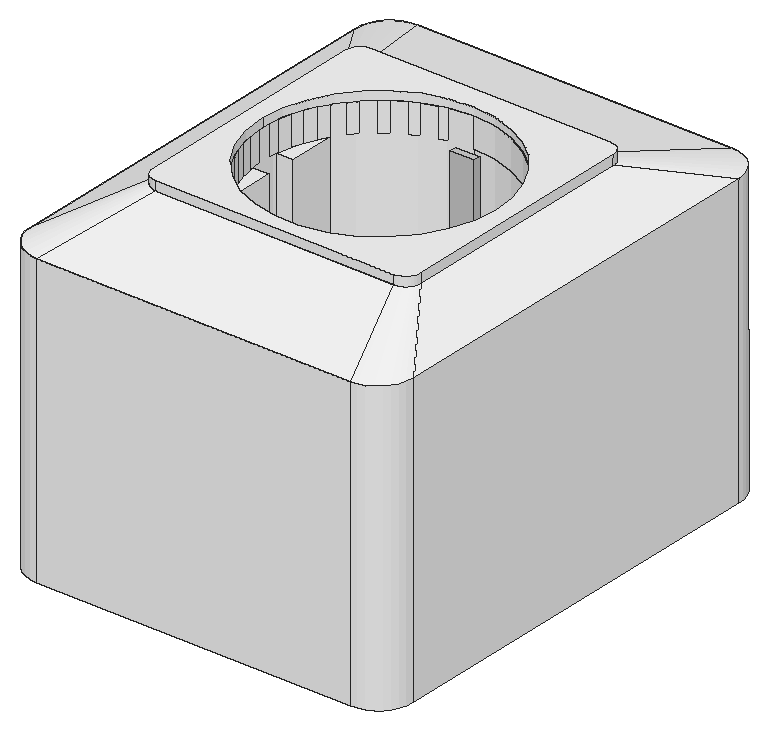
Revit family "Domotics-SerieCivili-GEWISS-27COMBI_SYSTEM-IP40_PRESA_GER", category Apparecchi elettrici, host Superficie, Revit 2016
Family settings
  Host = Superficie
  Mantenere orientamento annotazione = Sì
  Tipo di parte = Normale
  Quota connettore circolare = Usa diametro
  Taglio con vuoti quando caricato = No
  Condiviso = No
  Punto di calcolo locali = Sì
Parameters (values of type "GW27814 - Con presa std tedesco")
  Volt = 230 V
  Viti coperchio = "Acciaio resistente alla corrosione"
  Vista in pianta [instance] = yes
  Versione file RFA = "19.4"
  URL = "https://www.gewiss.com/it/it"
  Tipo sfondabili = "Asportabili con utensile"
  Termopressione con biglia = "70 °C"
  Tensione: = "250 V ac"
  Tensione = "250 V ac"
  Temperatura di installazione = "-25 +60 °C"
  TXT ELETTRICO = "16"
  Simbolo [instance] = yes
  Scheda Tecnica = "https://www.gewiss.com/it/it/search?q=GW27814"
  SEO = "Contenitore"
  Default Elevation = 1219.2 mm
  Produttore = "GEWISS S.p.A."
  Norma di riferimento: = "IEC 60884-1"
  Norma di riferimento = "IEC 60884-1"
  N. poli = 1
  N. fori Ã˜ 23 sfondabili: = "Laterali 3 / Sul fondo 1"
  N. fori Ã˜ 23 con passacavo = "1"
  Modello = "GW27814"
  Immagine tipo = GW27814.jpg
  IFC.TypeObject = ""
  IFC.ExportType = ""
  IFC.ExportAs = ""
  IDT = "d2cc88c2-2bd0-4b6a-a7a0-6ff77e855ea8"
  IDF = "62b6f017-263e-4f17-99d7-c0e391134cba"
  Grado di protezione = "IP40"
  Glow Wire Test = "650°C"
  Distanza_x [instance] = 0 mm
  Distanza_effettiva_y [instance] = 100 mm
  Distanza_effettiva_x [instance] = 1000 mm - Distanza_x  # 1000 mm
  Distanza orizzontale del simbolo [instance] = 141.274 mm
  Distanza dal muro [instance] = 4.208 mm
  Dim. esterne BxHxP (mm) = "66x82x55"
  Descrizione: = "Presa 2P+T - 16 A"
  Descrizione = "PRESA STD TED.2P+T 16A PROTETTA"
  Creato da GEWISS S.p.A. = ""
  Coppia serraggio viti = "0,8NM"
  Colore = "Grigio RAL 7035"
  Codice Electrocod = "0131"
  Codice EAN = "8011564095427"
  Classe isolamento = "II"
  Catalogo Serie = "27COMBI"
  Catalogo = "DOMOTICS"
  Carico apparente = 0 VA
  Caratteristiche = "Standard Tedesco"
  COBie.Tagnumber = ""
  COBie.CreatedOn = ""
  COBie.CreatebBy = ""
  COBie.ComponentRegisterItemID = ""
  COBie.Component.TagNumber = ""
  COBie.Component.Space = ""
  COBie.Component.SerialNumber = ""
  COBie.Component.InstallationDate = ""
  COBie.Component.Description = ""
  COBie.Component.BarCode = ""
Reference planes
  plane 1 "Centro (Fronte/Retro)": y = 0
  plane 2: z = 0
  plane 3 "Centro (Sinistra/Destra)": x = 0
  plane 4: x = -1000
  plane 5: x = 0
  plane 6: y = 100
Lines and regions (mm)
  Masking region 1, visible <- "Vista in pianta"
    outline origin (0, 0, 0) x (1, 0, 0) y (0, 0, 1)
      loop
        line (-33, 56.5) -> (-33, 0) -> (33, 0) -> (33, 56.5) -> (-33, 56.5)
  Masking region 2, visible <- "Vista in pianta"
    outline origin (0, 0, 0) x (0, 1, 0) y (0, 0, 1)
      loop
        line (-40.026, 55) -> (-40.026, 0) -> (41.974, 0) -> (41.974, 55) -> (-40.026, 55)
Dimensions and locks
  plane 4 to plane 3 "Centro (Sinistra/Destra)" = 1000 mm
  "Distanza_effettiva_x": plane 4 to plane 5
  "Distanza_effettiva_y": plane 6 to plane 1 "Centro (Fronte/Retro)"
  aligned and locked: plane 2 to host face
  aligned and locked: level to host face
  aligned and locked: plane 3 "Centro (Sinistra/Destra)" to nested 1
  aligned and locked: plane 1 "Centro (Fronte/Retro)" to nested 1
  aligned and locked: plane 5 to nested 2
  aligned and locked: nested 2 to plane 6
  aligned and locked: Masking region 1 sketch curve to nested 1  (x3)
  aligned and locked: Masking region 2 sketch curve to nested 1  (x3)
Automatic sketch dimensions
  host sketch curve to host sketch curve = 2438.4 mm  (x2)
  level to Masking region 1 sketch curve = 56.5 mm
  plane 1 "Centro (Fronte/Retro)" to Masking region 2 sketch curve = 40.026 mm
Nested families
  nested 1: "System Contenitori IP40 Compl Prese Ger_GENERICO" at (0, 0, 0), type "GW27814 Presa standard Tedesco 2P+T 16A protetta"
  nested 2: "SIMBOLO PRESE" at (0, 100, 0), TESTO ELETTRICO <- "TXT ELETTRICO", Distanza dal muro <- "Distanza dal muro", SIMBOLO <- "Simbolo", visible <- "Simbolo", type "PRESA"
    with TESTO ELETTRICO "16", SIMBOLO yes, Distanza dal muro 4.208 mm, BORDO ACCESO yes
Connectors
  electrical at (0, 0.974, 0), driven by "N. poli", driven by "Volt", driven by "Carico apparente"
    settings: on nested 1, index 1, voltage 230 V, apparent load 0 VA, apparent load phase1 0 VA, apparent load phase2 0 VA, apparent load phase3 0 VA, power factor 1, load classification "Altro", number of poles 1, system type 31, power factor state 1, is connector primary yes, connector utility no, sub classification motor no, connector description ""
Definition of nested family "System Contenitori IP40 Compl Prese Ger_GENERICO"
  Parameters (values of type "GW27814 Presa standard Tedesco 2P+T 16A protetta")
    Profondità = 55 mm
    Lunghezza = 82 mm
    Larghezza = 66 mm
    Finitura System IP40 = none
    Altezza da terra = 750 mm
  Reference planes
    plane 1 "Centro (Fronte/Retro)": y = 0
    plane 2: z = 0
    plane 3 "Centro (Sinistra/Destra)": x = 0
    plane 4: x = -33
    plane 5: x = 33
    plane 6: z = 55
    plane 7: z = 50
  Forms (mm)
    Blend 1, solid, material <- "Finitura System IP40"
      base sketch origin (0, -790.026, 55) x (1, 0, 0) y (0, 1, 0)
        loop
          arc (-20.5, 814) -> (-22.268, 813.268) -> (-23, 811.5) r 2.5
          line (-23, 811.5) -> (-23, 770)
          arc (-23, 770) -> (-22.268, 768.232) -> (-20.5, 767.5) r 2.5
          line (-20.5, 767.5) -> (20.5, 767.5)
          arc (20.5, 767.5) -> (22.268, 768.232) -> (23, 770) r 2.5
          line (23, 770) -> (23, 811.5)
          arc (23, 811.5) -> (22.268, 813.268) -> (20.5, 814) r 2.5
          line (20.5, 814) -> (-20.5, 814)
      top sketch origin (0, -790.026, 55) x (1, 0, 0) y (0, 1, 0)
        loop
          arc (-27, 832) -> (-31.243, 830.243) -> (-33, 826) r 6
          line (-33, 826) -> (-33, 756)
          arc (-33, 756) -> (-31.243, 751.757) -> (-27, 750) r 6
          line (-27, 750) -> (27, 750)
          arc (27, 750) -> (31.243, 751.757) -> (33, 756) r 6
          line (33, 756) -> (33, 826)
          arc (33, 826) -> (31.243, 830.243) -> (27, 832) r 6
          line (27, 832) -> (-27, 832)
      from 0 to -5
    Extrusion 2, solid, material <- "Finitura System IP40"
      sketch origin (0, -790.026, 55) x (1, 0, 0) y (0, 1, 0)
        loop
          arc (-27, 832) -> (-31.243, 830.243) -> (-33, 826) r 6
          line (-33, 826) -> (-33, 756)
          arc (-33, 756) -> (-31.243, 751.757) -> (-27, 750) r 6
          line (-27, 750) -> (27, 750)
          arc (27, 750) -> (31.243, 751.757) -> (33, 756) r 6
          line (33, 756) -> (33, 826)
          arc (33, 826) -> (31.243, 830.243) -> (27, 832) r 6
          line (27, 832) -> (-27, 832)
        loop
          line (-31, 826) -> (-31, 756)
          arc (-31, 756) -> (-29.828, 753.172) -> (-27, 752) r 4
          line (-27, 752) -> (27, 752)
          arc (27, 752) -> (29.828, 753.172) -> (31, 756) r 4
          line (31, 756) -> (31, 826)
          arc (31, 826) -> (29.828, 828.828) -> (27, 830) r 4
          line (27, 830) -> (-27, 830)
          arc (-27, 830) -> (-29.828, 828.828) -> (-31, 826) r 4
      from -5 to -55
    Extrusion 3, solid, material <- "Finitura System IP40", detail levels fine
      sketch origin (0, -790.026, 55) x (1, 0, 0) y (0, 1, 0)
        loop
          arc (-20.5, 814) -> (-22.268, 813.268) -> (-23, 811.5) r 2.5
          line (-23, 811.5) -> (-23, 770)
          arc (-23, 770) -> (-22.268, 768.232) -> (-20.5, 767.5) r 2.5
          line (-20.5, 767.5) -> (20.5, 767.5)
          arc (20.5, 767.5) -> (22.268, 768.232) -> (23, 770) r 2.5
          line (23, 770) -> (23, 811.5)
          arc (23, 811.5) -> (22.268, 813.268) -> (20.5, 814) r 2.5
          line (20.5, 814) -> (-20.5, 814)
      from -5 to 1.5
    Extrusion 4, void
      sketch origin (0, -790.026, 55) x (1, 0, 0) y (0, 1, 0)
        loop
          circle (0, 790.026) r 20.156
      from 1.5 to -5
    Revolve 5, solid, material <- "Finitura System IP40"
      sketch origin (0, -790.026, 55) x (0, 0, -1) y (0, 1, 0)
        loop
          line (0, 810.182) -> (22, 810.182) -> (22, 790.026) -> (23, 790.026) -> (23, 811.231) -> (0, 811.231) -> (0, 810.182)
        axis (23, 790.026) -> (0, 790.026)
      angle from 0 to 360
    Extrusion 6, void, detail levels fine
      sketch origin (0, 0, 0) x (1, 0, 0) y (0, 1, 0)
        loop
          circle (-11.281, -0.293) r 3.536
        loop
          circle (10.281, -0.293) r 3.536
      from 32 to 33
    Extrusion 7, solid, material <- "Finitura System IP40", detail levels fine
      sketch origin (0, 0, 0) x (1, 0, 0) y (0, 1, 0)
        loop
          arc (-17.077, 10.706) -> (-18.981, 6.781) -> (-19.995, 2.538) r 20.156
          line (-19.995, 2.538) -> (-17.077, 2.538) -> (-17.077, 10.706)
        loop
          line (-17.077, -10.706) -> (-17.077, -2.538) -> (-19.995, -2.538)
          arc (-19.995, -2.538) -> (-18.981, -6.781) -> (-17.077, -10.706) r 20.156
        loop
          line (17.077, 10.706) -> (17.077, 2.538) -> (19.995, 2.538)
          arc (19.995, 2.538) -> (18.981, 6.781) -> (17.077, 10.706) r 20.156
        loop
          arc (17.077, -10.706) -> (18.981, -6.781) -> (19.995, -2.538) r 20.156
          line (19.995, -2.538) -> (17.077, -2.538) -> (17.077, -10.706)
      from 33 to 50
    Extrusion 8, solid, detail levels fine
      sketch origin (0, 0, 0) x (1, 0, 0) y (0, 1, 0)
        loop
          line (-2.056, -17.726) -> (-2.056, -18.888) -> (2.056, -18.888) -> (2.056, -17.726) -> (-2.056, -17.726)
        loop
          line (-2.056, 17.726) -> (2.056, 17.726) -> (2.056, 18.888) -> (-2.056, 18.888) -> (-2.056, 17.726)
      from 33 to 50
  Cuts and joins
    Extrusion 4 cuts Blend 1
    Extrusion 4 cuts Extrusion 3
    joined: Extrusion 3, Extrusion 7
    Extrusion 4 cuts Extrusion 2
    Extrusion 6 cuts Revolve 5
  Lines and regions (mm)
    model lines, detail levels fine
      curve 1: circle (0, 0, 33) r 20.156 normal (0, 0, 1)
      curve 2: circle (-11.281, -0.293, 33) r 3.536 normal (0, 0, 1)
      curve 3: circle (10.281, -0.293, 33) r 3.536 normal (0, 0, 1)
      curve 4: line (-17.077, 10.706, 33) -> (-17.077, 2.538, 33)
      curve 5: line (-17.077, 2.538, 33) -> (-19.995, 2.538, 33)
      curve 6: line (-17.077, -10.706, 33) -> (-17.077, -2.538, 33)
      curve 7: line (-17.077, -2.538, 33) -> (-19.995, -2.538, 33)
      curve 8: line (17.077, 10.706, 33) -> (17.077, 2.538, 33)
      curve 9: line (17.077, 2.538, 33) -> (19.995, 2.538, 33)
      curve 10: line (17.077, -10.706, 33) -> (17.077, -2.538, 33)
      curve 11: line (17.077, -2.538, 33) -> (19.995, -2.538, 33)
      curve 12: line (-2.056, 20.051, 33) -> (-2.056, 17.726, 33)
      curve 13: line (-2.056, 17.726, 33) -> (2.056, 17.726, 33)
      curve 14: line (2.056, 17.726, 33) -> (2.056, 20.051, 33)
      curve 15: line (-2.056, -20.051, 33) -> (-2.056, -17.726, 33)
      curve 16: line (-2.056, -17.726, 33) -> (2.056, -17.726, 33)
      curve 17: line (2.056, -17.726, 33) -> (2.056, -20.051, 33)
  Dimensions and locks
    equal spacing: plane 5, plane 3 "Centro (Sinistra/Destra)", plane 4
    "Larghezza": plane 5 to plane 4
    "Profondità": plane 6 to plane 2
    aligned and locked: level to plane 2
    aligned and locked: plane 4 to Blend 1 sketch curve
    aligned and locked: plane 5 to Blend 1 sketch curve
    aligned and locked: plane 4 to Extrusion 2 sketch curve
    aligned and locked: plane 7 to cut or joined group of Extrusion 2, Extrusion 4
    aligned and locked: plane 2 to cut or joined group of Extrusion 2, Extrusion 4
    aligned and locked: curve 1 to Extrusion 7
    aligned and locked: plane 7 to cut or joined group of Extrusion 3, Extrusion 4, Extrusion 7
    aligned and locked: Extrusion 8 to cut or joined group of Extrusion 3, Extrusion 4, Extrusion 7
    aligned and locked: plane 7 to Extrusion 8
  Automatic sketch dimensions
    plane 1 "Centro (Fronte/Retro)" to Blend 1 sketch curve = 20.026 mm
    plane 1 "Centro (Fronte/Retro)" to Blend 1 sketch curve = 40.026 mm
    Extrusion 2 sketch curve to Extrusion 2 sketch curve = 0 mm  (x11)
    Extrusion 2 sketch curve to plane 5 = 0 mm
    plane 4 to Extrusion 2 sketch curve = 2 mm
    plane 1 "Centro (Fronte/Retro)" to Extrusion 2 sketch curve = 40.026 mm
    plane 1 "Centro (Fronte/Retro)" to Extrusion 3 sketch curve = 20.026 mm
    plane 1 "Centro (Fronte/Retro)" to Extrusion 4 sketch curve = 0 mm
    Extrusion 4 sketch curve to plane 3 "Centro (Sinistra/Destra)" = 0 mm
    Revolve 5 sketch curve to plane 1 "Centro (Fronte/Retro)" = 0 mm  (x2)
    Revolve 5 sketch curve to Revolve 5 sketch curve = 22 mm
    Revolve 5 sketch curve to Revolve 5 sketch curve = 1 mm
    Revolve 5 sketch curve to Revolve 5 sketch curve = 0 mm
    Revolve 5 sketch curve to Revolve 5 sketch curve = 1.049 mm
    Blend 1 sketch curve to plane 1 "Centro (Fronte/Retro)" = 21.474 mm
    Blend 1 sketch curve to plane 1 "Centro (Fronte/Retro)" = 35.974 mm
    Extrusion 2 sketch curve to plane 1 "Centro (Fronte/Retro)" = 35.974 mm
    Extrusion 3 sketch curve to plane 1 "Centro (Fronte/Retro)" = 21.474 mm
    Revolve 5 sketch curve to plane 1 "Centro (Fronte/Retro)" = 20.156 mm
    Blend 1 sketch curve to Blend 1 sketch curve = 2.5 mm  (x3)
    plane 4 to Blend 1 sketch curve = 6 mm  (x2)
    Extrusion 2 sketch curve to Extrusion 2 sketch curve = 4 mm  (x4)
    Extrusion 3 sketch curve to Extrusion 3 sketch curve = 2.5 mm  (x3)
    plane 4 to Blend 1 sketch curve = 12.5 mm
    plane 4 to Extrusion 3 sketch curve = 12.5 mm
    plane 5 to Blend 1 sketch curve = 12.5 mm  (x2)
    plane 5 to Blend 1 sketch curve = 6 mm
    Blend 1 sketch curve to Blend 1 sketch curve = 6 mm
    plane 5 to Extrusion 3 sketch curve = 12.5 mm  (x2)
    level to Revolve 5 sketch curve = 55 mm
    Revolve 5 sketch curve to Revolve 5 sketch curve = 4.873 mm
    curve 3 to curve 1 = 0.293 mm
    curve 2 to curve 1 = 0.293 mm
    curve 11 to curve 3 = 2.244 mm
    curve 7 to curve 2 = 2.244 mm
    Revolve 5 to curve 17 = 2.056 mm
    curve 15 to curve 15 = 2.324 mm
    curve 11 to curve 9 = 5.075 mm
    curve 13 to curve 12 = 2.324 mm
    Revolve 5 to curve 14 = 2.056 mm
    curve 8 to curve 3 = 6.796 mm
    curve 9 to curve 8 = 2.918 mm
    curve 11 to curve 10 = 2.918 mm
    curve 15 to Revolve 5 = 2.056 mm
    curve 13 to Revolve 5 = 2.056 mm
    curve 2 to curve 4 = 5.796 mm
    curve 6 to curve 4 = 0 mm
    curve 6 to curve 7 = 2.918 mm
    curve 4 to curve 5 = 2.918 mm
    Extrusion 7 sketch curve to Extrusion 7 sketch curve = 0 mm  (x14)
    plane 1 "Centro (Fronte/Retro)" to Extrusion 7 sketch curve = 0 mm
    Extrusion 7 sketch curve to plane 3 "Centro (Sinistra/Destra)" = 0 mm
    plane 4 to Extrusion 7 sketch curve = 15.923 mm
    plane 1 "Centro (Fronte/Retro)" to Extrusion 7 sketch curve = 2.538 mm  (x2)
    Extrusion 7 sketch curve to Extrusion 7 sketch curve = 2.918 mm  (x4)
    Extrusion 7 sketch curve to plane 1 "Centro (Fronte/Retro)" = 2.538 mm  (x2)
    plane 5 to Extrusion 7 sketch curve = 15.923 mm
    Extrusion 8 sketch curve to plane 3 "Centro (Sinistra/Destra)" = 2.056 mm  (x2)
    plane 3 "Centro (Sinistra/Destra)" to Extrusion 8 sketch curve = 2.056 mm  (x2)
    plane 1 "Centro (Fronte/Retro)" to Extrusion 8 sketch curve = 18.888 mm
    Extrusion 8 sketch curve to Extrusion 8 sketch curve = 1.162 mm  (x2)
    Extrusion 8 sketch curve to plane 1 "Centro (Fronte/Retro)" = 17.726 mm
    radius of Extrusion 4 sketch curve = 20.156 mm
    radius of curve 1 to Revolve 5 = 0 mm
    radius of curve 2 = 3.536 mm
    radius of curve 3 = 3.536 mm
Definition of nested family "SIMBOLO PRESE"
  Parameters (values of type "PRESA")
    TESTO ELETTRICO [instance] = "TXT"
    Simbolo = SIMBOLO PRESE_BASE : PRESA
    SIMBOLO [instance] = yes
    Distanza dal muro [instance] = 4.208 mm
    BORDO ACCESO [instance] = yes
  Reference planes
    plane 1: y = 0
    plane 2: x = 0
  Dimensions and locks
    aligned and locked: plane 1 to nested 1
    aligned and locked: plane 2 to nested 1
  Nested families
    nested 1: "SIMBOLO PRESE_BASE" at (0, 0, 0), type <- "Simbolo", TESTO ELETTRICO <- "TESTO ELETTRICO", BORDO ACCESO <- "BORDO ACCESO", visible <- "SIMBOLO", type "PRESA"
      with TESTO ELETTRICO "TXT", BORDO ACCESO yes
  Definition of nested family "SIMBOLO PRESE_BASE"
    Parameters (values of type "PRESA")
      TESTO ELETTRICO [instance] = "TXT"
      Distanza dal muro = 4.208 mm
      BORDO ACCESO [instance] = yes
    Reference planes
      plane 1: y = 0
      plane 2: x = 0
    Lines and regions (mm)
      detail lines, visible <- "BORDO ACCESO", not visible
        curve 1: line (-1.743, 9.208, 0) -> (2.057, 9.208, 0)
        curve 2: line (2.057, 9.208, 0) -> (2.057, 4.208, 0)
        curve 3: line (2.057, 4.208, 0) -> (-1.743, 4.208, 0)
        curve 4: line (-1.743, 4.208, 0) -> (-1.743, 9.208, 0)
        curve 5: line (-1.543, 9.008, 0) -> (1.857, 9.008, 0)
        curve 6: line (1.857, 9.008, 0) -> (1.857, 4.408, 0)
        curve 7: line (1.857, 4.408, 0) -> (-1.543, 4.408, 0)
        curve 8: line (-1.543, 4.408, 0) -> (-1.543, 9.008, 0)
      detail lines
        curve 9: line (0.783, 1.133, 0) -> (-0.783, 1.133, 0)
        curve 10: line (0, 1.133, 0) -> (0, 0.349, 0)
        curve 11: arc (-0.783, 1.916, 0) -> (0, 1.133, 0) -> (0.783, 1.916, 0) r 0.783
    Text (mm)
      label "TXT" at (0.016, 1.578, 0), shows "TESTO ELETTRICO"
